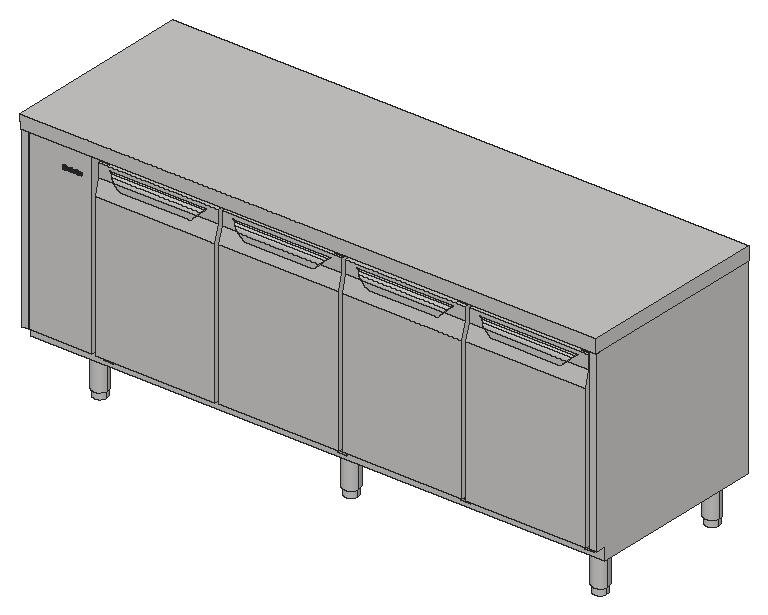
Revit family "QF_ELECTROLUXPROFESSIONAL_710296_EH4MRAAAA", category Specialty Equipment, Revit 2018
Family settings
  Round Connector Dimension = Use Diameter
  Part Type = Normal
  Work Plane-Based = No
  Always vertical = Yes
  Cut with Voids When Loaded = No
  Shared = No
  Room Calculation Point = No
Parameters
  Weight = 0.00 kg
  Watts = 0 W
  Volts = 220 V
  URL Manufacturer = "http://professional.electrolux.com/"
  URL = "http://professional.electrolux.com/"
  Steam Supply Size = 0 mm
  Steam Supply Minimum Pressure = 0.0 Pa
  Steam Supply Maximum Pressure = 0.0 Pa
  Steam Pounds per Hour = 0
  Show Logo [instance] = yes
  Show Clearance [instance] = yes
  Refrigeration Suction Line Size = 0 mm
  Refrigeration Liquid Line Size = 0 mm
  Refrigerant Compressor Remote = yes
  Manufacturer = "Electrolux"
  Phase = 1
  Model = "EH4RRAAA"
  Length Actual = 2115 mm  # constant formula
  Item Number = "710064"
  Hot Water Size = 0 mm
  Height Actual = 900 mm  # constant formula
  HP = "0.1 HP"
  Gas Size = 0 mm
  Gas KW = 0
  Gas Input Pressure = 0 W
  Direct Waste Size = 0 mm
  Description = "REFR.COUNTER 590LT 4DOOR REMOTE"
  Depth Actual = 700 mm  # constant formula
  Cycle = 0 Hz
  Condensate Return Size = 0 mm
  Compressed Air Volume = 0.0 L/s
  Compressed Air Size = 0 mm
  Compressed Air Pressure = 0.0 Pa
  Cold Water Size = 0 mm
  Accessory = yes
Reference planes
  plane 1 "Center X": y = 182.5
  plane 2: z = 0
  plane 3 "Center Y": x = 396.5
  plane 4: y = -62.5
  plane 5: y = 451.5
  plane 6 "BACK": y = 532.5
  plane 7 "FRONT": y = -167.5
  plane 8: x = -452
  plane 9: x = 1386
  plane 10: z = 150
  plane 11 "TOP": z = 900
  plane 12: z = 850
  plane 13: x = -659
  plane 14: x = 1452
  plane 15: x = 471
  plane 16 "LEFT": x = -661
  plane 17 "RIGHT": x = 1454
Forms (mm)
  Extrusion 1, solid, material "QF_Finishes_Stainless Steel"
    sketch origin (396.5, 2, 0) x (0, 1, 0) y (0, 0, 1)
      loop
        line (530.5, 150) -> (530.5, 850) -> (-124.5, 850) -> (-124.5, 150) -> (530.5, 150)
    from -1055.5 to 1055.5
  Extrusion 2, solid, material "QF_Finishes_Stainless Steel"
    sketch origin (-1022.223, -1524, 150) x (-1, 0, 0) y (0, -1, 0)
      loop
        line (-363.223, -1361.5) -> (-388.223, -1361.5) -> (-388.223, -1401.5) -> (-363.223, -1401.5) -> (-363.223, -1361.5)
      loop
        line (-2474.223, -1401.5) -> (-2449.223, -1401.5) -> (-2449.223, -1361.5) -> (-2474.223, -1361.5) -> (-2474.223, -1401.5)
    from 47 to 700
  Extrusion 3, solid, material "QF_Finishes_Stainless Steel"
    sketch origin (0, 0, 900) x (-1, 0, 0) y (0, -1, 0)
      loop
        circle (-965, -94.5) r 8.45
      loop
        circle (-57, -94.5) r 8.45
    from -790.577 to -750
  Extrusion 4, solid, material "QF_Finishes_Stainless Steel"
    sketch origin (0, 0, 0) x (1, 0, 0) y (0, 1, 0)
      loop
        circle (-594, 207.5) r 8.45
    from 127.77 to 150
  Extrusion 5, solid, material "QF_Finishes_Stainless Steel"
    sketch origin (0, 0, 0) x (1, 0, 0) y (0, 1, 0)
      loop
        circle (-578, 162.5) r 4.75
    from 347 to 367
  Extrusion 6, solid, material "QF_Finishes_Stainless Steel"
    sketch origin (0, 0, 0) x (1, 0, 0) y (0, 1, 0)
      loop
        circle (-531, 4.5) r 4
    from 709 to 729
  Extrusion 7, solid, material "QF_Finishes_Stainless Steel"
    sketch origin (0, 0, 0) x (1, 0, 0) y (0, 1, 0)
      loop
        circle (-553, 159.5) r 4
    from 397 to 417
  Extrusion 8, solid, material "QF_Finishes_Stainless Steel"
    sketch origin (396.5, 0, 0) x (0, 1, 0) y (0, 0, 1)
      loop
        line (-167.5, 900) -> (-167.5, 850) -> (532.5, 850) -> (532.5, 900) -> (-167.5, 900)
    from 1057.5 to -1057.5
Cuts and joins
  joined: Extrusion 1, Extrusion 2
Lines and regions (mm)
  symbolic lines, style "SpecialityEquipmentHiddenLines"
    curve 1: line (-661, -122.5, 900) -> (1454, -122.5, 900)
    curve 2: line (-396, -167.5, 900) -> (-396, -122.5, 900)
  symbolic lines, style "SpecialityEquipment"
    curve 3: line (-661, 532.5, 900) -> (1454, 532.5, 900)
    curve 4: line (-661, 532.5, 900) -> (-661, -167.5, 900)
    curve 5: line (-661, -167.5, 900) -> (1454, -167.5, 900)
    curve 6: line (1454, -167.5, 900) -> (1454, 532.5, 900)
Dimensions and locks
  locked: plane 6 "BACK" to plane 7 "FRONT" at 700
  equal spacing: plane 6 "BACK", plane 1 "Center X", plane 7 "FRONT"
  locked: plane 6 "BACK" to plane 5 at 81
  plane 10 to level = 150 mm
  plane 11 "TOP" to plane 12 to plane 10 = 50 mm locked, 700 mm locked
  locked: Extrusion 2 sketch curve to Extrusion 2 sketch curve at 25  (x2)
  locked: plane 4 to plane 7 "FRONT" at 105
  locked: plane 6 "BACK" to Extrusion 3 sketch curve at 438  (x2)
  equal spacing: plane 13, plane 3 "Center Y", plane 14
  plane 16 "LEFT" to plane 17 "RIGHT" = 2115 mm
  locked: plane 13 to plane 8 at 207
  plane 15 to plane 9 to plane 14 = 915 mm locked, 66 mm locked
  Extrusion 3 sketch curve to Extrusion 3 sketch curve to plane 14 = 908 mm locked, 487 mm locked
  plane 6 "BACK" to Extrusion 4 sketch curve = 325 mm
  locked: plane 13 to Extrusion 4 sketch curve at 65
  locked: plane 13 to Extrusion 7 sketch curve at 106
  locked: plane 6 "BACK" to Extrusion 7 sketch curve at 373
  locked: plane 6 "BACK" to Extrusion 5 sketch curve at 370
  locked: plane 13 to Extrusion 5 sketch curve at 81
  plane 13 to Extrusion 6 sketch curve = 128 mm
  plane 6 "BACK" to Extrusion 6 sketch curve = 528 mm
  locked: plane 10 to Extrusion 4 at 22.23
  cut or joined group of Extrusion 1, Extrusion 2 to Extrusion 5 to Extrusion 5 to Extrusion 7 to Extrusion 7 to Extrusion 6 to Extrusion 6 = 197 mm locked, 20 mm locked, 30 mm locked, 20 mm locked, 292 mm locked, 20 mm locked
  aligned and locked: level to plane 2
  aligned and locked: plane 10 to Extrusion 3
  aligned and locked: nested 4 to plane 4
  aligned and locked: nested 1 to plane 4
  aligned and locked: nested 3 to plane 5
  aligned and locked: nested 2 to plane 5
  aligned and locked: plane 8 to nested 1
  aligned and locked: plane 8 to nested 2
  aligned and locked: plane 9 to nested 4
  aligned and locked: plane 9 to nested 3
  aligned and locked: Extrusion 1 to Extrusion 2
  aligned and locked: Extrusion 2 to Extrusion 1
  aligned and locked: Extrusion 2 sketch curve to plane 14
  aligned and locked: plane 13 to Extrusion 2 sketch curve
  aligned and locked: plane 12 to nested 5
  aligned and locked: nested 7 to plane 12
  aligned and locked: cut or joined group of Extrusion 1, Extrusion 2 to plane 10
  aligned and locked: plane 12 to cut or joined group of Extrusion 1, Extrusion 2
  aligned and locked: plane 10 to Extrusion 4
  aligned and locked: nested 8 to plane 7 "FRONT"
  aligned and locked: plane 14 to nested 8
  aligned and locked: plane 15 to nested 12
  aligned and locked: plane 15 to nested 11
  aligned and locked: curve 4 to plane 16 "LEFT"
  aligned and locked: plane 17 "RIGHT" to curve 6
  aligned and locked: Extrusion 8 sketch curve to plane 11 "TOP"
  aligned and locked: plane 7 "FRONT" to Extrusion 8 sketch curve
  aligned and locked: Extrusion 8 sketch curve to cut or joined group of Extrusion 1, Extrusion 2  (x2)
  aligned and locked: plane 17 "RIGHT" to Extrusion 8
  aligned and locked: Extrusion 8 to plane 16 "LEFT"
Automatic sketch dimensions
  plane 7 "FRONT" to Extrusion 2 sketch curve = 45 mm  (x2)
  plane 7 "FRONT" to Extrusion 2 sketch curve = 5 mm  (x2)
  Extrusion 1 sketch curve to plane 10 = 0 mm
  Extrusion 1 sketch curve to plane 12 = 0 mm
  Extrusion 1 sketch curve to plane 6 "BACK" = 0 mm
  plane 7 "FRONT" to Extrusion 1 sketch curve = 45 mm
  plane 6 "BACK" to curve 6 = 0 mm
  curve 2 to plane 7 "FRONT" = 0 mm
  plane 8 to curve 2 = 56 mm
  plane 7 "FRONT" to curve 1 = 45 mm
  radius of Extrusion 4 sketch curve = 8.45 mm
  radius of Extrusion 5 sketch curve = 4.75 mm
  radius of Extrusion 7 sketch curve = 4 mm
  radius of Extrusion 3 sketch curve = 8.45 mm  (x2)
  radius of Extrusion 6 sketch curve = 4 mm
Nested families
  nested 1: "Foot_Ø50_H150" at (-452, -62.5, 0), type "Foot_Ø50_H150"
  nested 2: "Foot_Ø50_H150" at (-452, 451.5, 0), type "Foot_Ø50_H150"
  nested 3: "Foot_Ø50_H150" at (1386, 451.5, 0), type "Foot_Ø50_H150"
  nested 4: "Foot_Ø50_H150" at (1386, -62.5, 0), type "Foot_Ø50_H150"
  nested 5: "ELX_Cooling Unit_Remote" at (-518.5, -164.5, 0), Show Logo <- "Show Logo", type "ELX_Cooling Unit_Remote"
  nested 6: "ELX_Door" at (285, -164.5, 0), Show Clearance <- "Show Clearance", type "ELX_Door"
  nested 7: "ELX_Door" at (-169, -164.5, 0) x (-1, 0, 0) z (0, 0, 1), Show Clearance <- "Show Clearance", type "ELX_Door"
  nested 8: "Refrigerator" at (1452, -167.5, 900), type "Refrigerator"
  nested 9: "ELX_Door" at (739, -164.5, 0), Show Clearance <- "Show Clearance", type "ELX_Door"
  nested 10: "ELX_Door" at (1193, -164.5, 0), Show Clearance <- "Show Clearance", type "ELX_Door"
  nested 11: "Foot_Ø50_H150" at (471, 451.5, 0), type "Foot_Ø50_H150"
  nested 12: "Foot_Ø50_H150" at (471, -62.5, 0), type "Foot_Ø50_H150"
Connectors
  piping at (-594, 207.5, 127.77), diameter 17
    settings: on Extrusion 4, index 1, connector inside diameter 609.6 mm, connector length 0 mm, flow factor 0, pipe flow 0.0 L/s, pressure drop 0.0 Pa, fitting loss kfactor 0, connector angle 0.00°, fixture units 0, engagement length 0 mm, angle of deflection 0.00°, flow configuration 1, flow direction 2, fitting loss method 0, system type 16, joint type 0, gender type 0, connector reference index -1, connector utility 0, adjustable connector no, is connector primary yes, connector description "Drain"
  piping at (-578, 162.5, 347), diameter 2895.6
    settings: on Extrusion 5, index 2, connector inside diameter 609.6 mm, connector length 0 mm, flow factor 0, pipe flow 0.0 L/s, pressure drop 0.0 Pa, fitting loss kfactor 0, connector angle 0.00°, fixture units 0, engagement length 0 mm, angle of deflection 0.00°, flow configuration 1, flow direction 2, fitting loss method 0, system type 8, joint type 0, gender type 0, connector reference index -1, connector utility 0, adjustable connector no, is connector primary no, connector description "Refrigerant Outlet"
  piping at (-553, 159.5, 397), diameter 2438.4
    settings: on Extrusion 7, index 3, connector inside diameter 609.6 mm, connector length 0 mm, flow factor 0, pipe flow 0.0 L/s, pressure drop 0.0 Pa, fitting loss kfactor 0, connector angle 0.00°, fixture units 0, engagement length 0 mm, angle of deflection 0.00°, flow configuration 1, flow direction 1, fitting loss method 0, system type 7, joint type 0, gender type 0, connector reference index -1, connector utility 0, adjustable connector no, is connector primary no, connector description "Refrigerant Inlet"
  electrical at (-531, 4.5, 709)
    settings: on Extrusion 6, index 4, voltage 0 V, apparent load 0 VA, apparent load phase1 0 VA, apparent load phase2 0 VA, apparent load phase3 0 VA, power factor 1, load classification "Altro", number of poles 1, system type 30, power factor state 1, is connector primary yes, connector utility no, sub classification motor no, connector description "Electrical Connection"
  piping at (965, 94.5, 109.423), diameter 17
    settings: on Extrusion 3, index 5, connector inside diameter 609.6 mm, connector length 0 mm, flow factor 0, pipe flow 0.0 L/s, pressure drop 0.0 Pa, fitting loss kfactor 0, connector angle 0.00°, fixture units 0, engagement length 0 mm, angle of deflection 0.00°, flow configuration 1, flow direction 2, fitting loss method 0, system type 16, joint type 0, gender type 0, connector reference index -1, connector utility 0, adjustable connector no, is connector primary no, connector description "Drain"
  piping at (57, 94.5, 109.423), diameter 17
    settings: on Extrusion 3, index 6, connector inside diameter 609.6 mm, connector length 0 mm, flow factor 0, pipe flow 0.0 L/s, pressure drop 0.0 Pa, fitting loss kfactor 0, connector angle 0.00°, fixture units 0, engagement length 0 mm, angle of deflection 0.00°, flow configuration 1, flow direction 2, fitting loss method 0, system type 16, joint type 0, gender type 0, connector reference index -1, connector utility 0, adjustable connector no, is connector primary no, connector description "Drain"
Definition of nested family "Foot_Ø50_H150"
  Reference planes
    plane 1 "Centro (Fronte/Retro)": y = 0
    plane 2: z = 0
    plane 3 "Centro (Sinistra/Destra)": x = 0
    plane 4: z = 150
  Forms (mm)
    Revolve 1, solid
      sketch origin (255.05, 0, 608.09) x (0, 0, 1) y (-1, 0, 0)
        loop
          line (-608.09, 255.05) -> (-608.09, 230.05) -> (-583.09, 230.05) -> (-583.09, 226.05) -> (-458.09, 226.05) -> (-458.09, 255.05) -> (-608.09, 255.05)
        axis (-608.09, 255.05) -> (-458.09, 255.05)
      angle from 0 to 360
  Dimensions and locks
    locked: Revolve 1 sketch curve to Revolve 1 sketch curve at 125
    aligned and locked: level to plane 2
    aligned and locked: plane 4 to Revolve 1 sketch curve
    aligned and locked: Revolve 1 sketch curve to level
    aligned and locked: plane 3 "Centro (Sinistra/Destra)" to Revolve 1 sketch curve
Definition of nested family "ELX_Cooling Unit_Remote"
  Parameters
    Show Logo [instance] = yes
  Reference planes
    plane 1 "FRONT": y = -3
    plane 2: z = 0
    plane 3 "Centro (Sinistra/Destra)": x = 0
    plane 4: z = 150
    plane 5: z = 850
    plane 6: x = -115.5
    plane 7: x = 115.5
  Forms (mm)
    Extrusion 1, solid
      sketch origin (0, 55, 511) x (0, 0, 1) y (0, -1, 0)
        loop
          line (-314, 53) -> (-314, 13) -> (339, 13) -> (339, 53) -> (-314, 53)
      from -115.5 to 115.5
  Lines and regions (mm)
    Split face 1
      outline origin (0, 2, 197) x (0, 0, 1) y (-1, 0, 0)
        loop
          line (622.361, 88.738) -> (620.361, 90.738) -> (551.361, 90.738) -> (549.361, 88.738) -> (549.361, -88.738) -> (551.361, -90.738) -> (620.361, -90.738) -> (622.361, -88.738) -> (622.361, 88.738)
    Split face 2
      outline origin (0, 2, 197) x (0, 0, 1) y (-1, 0, 0)
        loop
          line (601.861, 71.967) -> (561.861, 71.967) -> (561.861, 6.967) -> (601.861, 6.967) -> (601.861, 71.967)
    Split face 3
      outline origin (0, 2, 197) x (0, 0, 1) y (-1, 0, 0)
        loop
          line (611.961, -90.738) -> (611.961, -8.712) -> (617.061, 0.121) -> (617.061, 90.738)
  Dimensions and locks
    aligned and locked: level to plane 2
  Nested families
    nested 1: "ELX_Logo_S_New" at (45.369, 2, 777.661) x (1, 0, 0) z (0, -1, 0), type "ELX_Logo_S_New"
  Definition of nested family "ELX_Logo_S_New"
    Parameters
      Default Elevation = 0 mm
    Reference planes
      plane 1 "Centro (Fronte/Retro)": y = 0
      plane 2: z = 0
      plane 3 "Centro (Sinistra/Destra)": x = 0
    Forms (mm)
      Extrusion 1, solid
        sketch origin (0, 0, 0) x (1, 0, 0) y (0, 1, 0)
          loop
            line (-1219.2, 1219.2) -> (-1219.2, -1219.2) -> (1219.2, -1219.2) -> (1219.2, 1219.2) -> (-1219.2, 1219.2)
        from 0 to -304.8
      Extrusion 2, solid
        sketch origin (0, 0, 0) x (1, 0, 0) y (0, 1, 0)
          loop
            spline (-32.537, -4.135) -> (-32.702, -4.128) -> (-32.877, -4.105) -> (-33.059, -4.064) -> (-33.242, -4.002) -> (-33.422, -3.916) -> (-33.593, -3.803) -> (-33.751, -3.66) -> (-33.891, -3.486) -> (-34.008, -3.276) -> (-34.098, -3.029) -> (-34.155, -2.741) -> (-34.176, -2.41)
            line (-34.176, -2.41) -> (-34.176, -0.943) -> (-29.331, -0.943) -> (-29.331, 0.928) -> (-34.176, 0.928) -> (-34.176, 3.652) -> (-29.023, 3.652) -> (-29.023, 5.518) -> (-36.159, 5.518) -> (-36.159, -2.326)
            spline (-36.159, -2.326) -> (-36.142, -2.808) -> (-36.088, -3.263) -> (-35.996, -3.688) -> (-35.867, -4.083) -> (-35.698, -4.445) -> (-35.489, -4.773) -> (-35.239, -5.066) -> (-34.946, -5.322) -> (-34.61, -5.539) -> (-34.23, -5.716) -> (-33.804, -5.851) -> (-33.332, -5.943)
            line (-33.332, -5.943) -> (-32.554, -5.999) -> (-28.885, -5.999) -> (-28.885, -4.135) -> (-32.537, -4.135)
          loop
            line (-27.476, 0.076) -> (-27.476, -6.002) -> (-25.492, -6.002) -> (-25.492, 5.521) -> (-27.476, 5.521) -> (-27.476, 0.076)
          loop
            spline (-15.702, -2.321) -> (-15.689, -1.697) -> (-15.749, -1.094) -> (-15.879, -0.516) -> (-16.078, 0.029) -> (-16.341, 0.538) -> (-16.668, 1.004) -> (-17.055, 1.422) -> (-17.5, 1.786) -> (-17.999, 2.091) -> (-18.552, 2.331) -> (-19.154, 2.5) -> (-19.804, 2.594)
            spline (-19.804, 2.594) -> (-20.422, 2.558) -> (-21.009, 2.453) -> (-21.56, 2.28) -> (-22.072, 2.042) -> (-22.54, 1.743) -> (-22.96, 1.385) -> (-23.327, 0.97) -> (-23.638, 0.502) -> (-23.887, -0.018) -> (-24.07, -0.586) -> (-24.183, -1.2) -> (-24.222, -1.857)
            spline (-24.222, -1.857) -> (-24.184, -2.498) -> (-24.074, -3.097) -> (-23.895, -3.652) -> (-23.651, -4.16) -> (-23.344, -4.618) -> (-22.979, -5.023) -> (-22.559, -5.374) -> (-22.087, -5.667) -> (-21.567, -5.899) -> (-21.003, -6.068) -> (-20.397, -6.172) -> (-19.754, -6.207)
            spline (-19.754, -6.207) -> (-19.44, -6.2) -> (-19.13, -6.176) -> (-18.823, -6.135) -> (-18.52, -6.074) -> (-18.221, -5.993) -> (-17.925, -5.89) -> (-17.634, -5.762) -> (-17.346, -5.609) -> (-17.062, -5.43) -> (-16.782, -5.221) -> (-16.506, -4.983) -> (-16.234, -4.713)
            line (-16.234, -4.713) -> (-17.429, -3.55)
            spline (-17.429, -3.55) -> (-17.587, -3.702) -> (-17.745, -3.841) -> (-17.906, -3.967) -> (-18.07, -4.08) -> (-18.239, -4.181) -> (-18.415, -4.268) -> (-18.599, -4.343) -> (-18.792, -4.404) -> (-18.996, -4.452) -> (-19.213, -4.486) -> (-19.443, -4.506) -> (-19.688, -4.513)
            spline (-19.688, -4.513) -> (-20.047, -4.496) -> (-20.383, -4.443) -> (-20.696, -4.358) -> (-20.984, -4.24) -> (-21.246, -4.092) -> (-21.479, -3.915) -> (-21.683, -3.711) -> (-21.856, -3.48) -> (-21.997, -3.224) -> (-22.104, -2.945) -> (-22.176, -2.643) -> (-22.212, -2.321)
            line (-22.212, -2.321) -> (-15.702, -2.321)
          loop
            spline (-17.695, -0.926) -> (-17.714, -0.681) -> (-17.771, -0.445) -> (-17.861, -0.221) -> (-17.984, -0.01) -> (-18.135, 0.184) -> (-18.314, 0.36) -> (-18.516, 0.516) -> (-18.741, 0.648) -> (-18.984, 0.755) -> (-19.244, 0.834) -> (-19.518, 0.883) -> (-19.804, 0.9)
            spline (-19.804, 0.9) -> (-20.11, 0.884) -> (-20.405, 0.835) -> (-20.686, 0.757) -> (-20.95, 0.652) -> (-21.195, 0.521) -> (-21.419, 0.367) -> (-21.618, 0.192) -> (-21.79, -0.003) -> (-21.934, -0.214) -> (-22.045, -0.439) -> (-22.122, -0.678) -> (-22.162, -0.926)
            line (-22.162, -0.926) -> (-17.695, -0.926)
          loop
            spline (-12.669, -1.807) -> (-12.646, -1.438) -> (-12.58, -1.088) -> (-12.472, -0.759) -> (-12.326, -0.455) -> (-12.145, -0.177) -> (-11.93, 0.072) -> (-11.685, 0.289) -> (-11.412, 0.473) -> (-11.114, 0.62) -> (-10.793, 0.728) -> (-10.453, 0.794) -> (-10.095, 0.817)
            spline (-10.095, 0.817) -> (-9.876, 0.81) -> (-9.665, 0.79) -> (-9.464, 0.756) -> (-9.271, 0.709) -> (-9.086, 0.65) -> (-8.908, 0.578) -> (-8.737, 0.495) -> (-8.572, 0.399) -> (-8.414, 0.292) -> (-8.261, 0.173) -> (-8.113, 0.044) -> (-7.969, -0.096)
            line (-7.969, -0.096) -> (-6.741, 1.183)
            spline (-6.741, 1.183) -> (-6.985, 1.427) -> (-7.237, 1.647) -> (-7.496, 1.843) -> (-7.762, 2.015) -> (-8.034, 2.164) -> (-8.312, 2.291) -> (-8.596, 2.397) -> (-8.886, 2.482) -> (-9.181, 2.546) -> (-9.481, 2.592) -> (-9.786, 2.619) -> (-10.095, 2.627)
            spline (-10.095, 2.627) -> (-10.715, 2.589) -> (-11.308, 2.476) -> (-11.871, 2.294) -> (-12.396, 2.046) -> (-12.88, 1.736) -> (-13.316, 1.369) -> (-13.7, 0.949) -> (-14.026, 0.48) -> (-14.289, -0.035) -> (-14.483, -0.59) -> (-14.604, -1.182) -> (-14.645, -1.807)
            spline (-14.645, -1.807) -> (-14.604, -2.431) -> (-14.483, -3.023) -> (-14.289, -3.578) -> (-14.026, -4.093) -> (-13.7, -4.562) -> (-13.316, -4.983) -> (-12.88, -5.35) -> (-12.396, -5.659) -> (-11.871, -5.907) -> (-11.308, -6.09) -> (-10.715, -6.202) -> (-10.095, -6.24)
            spline (-10.095, -6.24) -> (-9.786, -6.232) -> (-9.481, -6.205) -> (-9.181, -6.16) -> (-8.886, -6.095) -> (-8.596, -6.01) -> (-8.312, -5.904) -> (-8.034, -5.777) -> (-7.762, -5.628) -> (-7.496, -5.456) -> (-7.237, -5.26) -> (-6.985, -5.04) -> (-6.741, -4.796)
            line (-6.741, -4.796) -> (-7.969, -3.517)
            spline (-7.969, -3.517) -> (-8.113, -3.657) -> (-8.261, -3.786) -> (-8.414, -3.905) -> (-8.572, -4.012) -> (-8.737, -4.108) -> (-8.908, -4.192) -> (-9.086, -4.263) -> (-9.271, -4.323) -> (-9.464, -4.369) -> (-9.665, -4.403) -> (-9.876, -4.423) -> (-10.095, -4.43)
            spline (-10.095, -4.43) -> (-10.453, -4.408) -> (-10.793, -4.341) -> (-11.114, -4.233) -> (-11.412, -4.086) -> (-11.685, -3.902) -> (-11.93, -3.685) -> (-12.145, -3.436) -> (-12.326, -3.158) -> (-12.472, -2.854) -> (-12.58, -2.526) -> (-12.646, -2.176) -> (-12.669, -1.807)
          loop
            spline (-1.683, -4.138) -> (-1.858, -4.14) -> (-2.045, -4.127) -> (-2.24, -4.095) -> (-2.438, -4.04) -> (-2.633, -3.959) -> (-2.822, -3.85) -> (-2.998, -3.709) -> (-3.157, -3.533) -> (-3.294, -3.318) -> (-3.404, -3.061) -> (-3.483, -2.76) -> (-3.524, -2.411)
            line (-3.524, -2.411) -> (-3.524, 0.529) -> (-1.72, 0.529) -> (-1.72, 2.331) -> (-3.522, 2.331) -> (-3.522, 5.521) -> (-5.506, 5.521) -> (-5.506, -2.523)
            spline (-5.506, -2.523) -> (-5.463, -2.99) -> (-5.386, -3.429) -> (-5.274, -3.839) -> (-5.126, -4.218) -> (-4.941, -4.564) -> (-4.717, -4.877) -> (-4.455, -5.155) -> (-4.153, -5.396) -> (-3.81, -5.599) -> (-3.425, -5.762) -> (-2.998, -5.884) -> (-2.528, -5.964)
            line (-2.528, -5.964) -> (-1.69, -6.002) -> (-1.683, -4.138)
          loop
            spline (4.991, 2.446) -> (4.648, 2.468) -> (4.318, 2.461) -> (4.001, 2.429) -> (3.699, 2.371) -> (3.413, 2.288) -> (3.142, 2.182) -> (2.89, 2.052) -> (2.655, 1.901) -> (2.439, 1.728) -> (2.244, 1.535) -> (2.069, 1.322) -> (1.917, 1.091)
            line (1.917, 1.091) -> (1.917, 2.33) -> (-0.051, 2.33) -> (-0.051, -6.002) -> (1.917, -6.002) -> (1.917, -1.621)
            spline (1.917, -1.621) -> (1.935, -1.288) -> (1.988, -0.979) -> (2.075, -0.693) -> (2.195, -0.432) -> (2.345, -0.197) -> (2.526, 0.01) -> (2.736, 0.189) -> (2.972, 0.338) -> (3.235, 0.456) -> (3.522, 0.541) -> (3.832, 0.594) -> (4.165, 0.611)
            line (4.165, 0.611) -> (4.991, 0.529) -> (4.991, 2.446)
          loop
            spline (14.388, -1.836) -> (14.347, -1.224) -> (14.226, -0.642) -> (14.031, -0.093) -> (13.768, 0.418) -> (13.441, 0.887) -> (13.057, 1.308) -> (12.621, 1.677) -> (12.137, 1.989) -> (11.612, 2.24) -> (11.051, 2.425) -> (10.459, 2.539) -> (9.842, 2.578)
            spline (9.842, 2.578) -> (9.221, 2.539) -> (8.627, 2.425) -> (8.064, 2.24) -> (7.539, 1.989) -> (7.056, 1.677) -> (6.62, 1.308) -> (6.237, 0.887) -> (5.912, 0.418) -> (5.65, -0.093) -> (5.456, -0.642) -> (5.336, -1.224) -> (5.295, -1.836)
            spline (5.295, -1.836) -> (5.336, -2.447) -> (5.456, -3.029) -> (5.65, -3.578) -> (5.912, -4.089) -> (6.237, -4.558) -> (6.62, -4.979) -> (7.056, -5.348) -> (7.539, -5.66) -> (8.064, -5.911) -> (8.627, -6.096) -> (9.221, -6.211) -> (9.842, -6.25)
            spline (9.842, -6.25) -> (10.459, -6.211) -> (11.051, -6.096) -> (11.612, -5.911) -> (12.137, -5.66) -> (12.621, -5.348) -> (13.057, -4.979) -> (13.441, -4.558) -> (13.768, -4.089) -> (14.031, -3.578) -> (14.226, -3.029) -> (14.347, -2.447) -> (14.388, -1.836)
          loop
            spline (12.42, -1.836) -> (12.397, -1.475) -> (12.33, -1.131) -> (12.222, -0.807) -> (12.075, -0.504) -> (11.893, -0.227) -> (11.677, 0.022) -> (11.431, 0.241) -> (11.157, 0.426) -> (10.859, 0.575) -> (10.538, 0.685) -> (10.198, 0.753) -> (9.842, 0.777)
            spline (9.842, 0.777) -> (9.482, 0.753) -> (9.14, 0.685) -> (8.818, 0.575) -> (8.519, 0.426) -> (8.246, 0.241) -> (8.001, 0.022) -> (7.786, -0.227) -> (7.605, -0.504) -> (7.459, -0.807) -> (7.352, -1.131) -> (7.286, -1.475) -> (7.263, -1.836)
            spline (7.263, -1.836) -> (7.286, -2.196) -> (7.352, -2.54) -> (7.459, -2.865) -> (7.605, -3.167) -> (7.786, -3.444) -> (8.001, -3.694) -> (8.246, -3.912) -> (8.519, -4.098) -> (8.818, -4.247) -> (9.14, -4.357) -> (9.482, -4.425) -> (9.842, -4.448)
            spline (9.842, -4.448) -> (10.198, -4.425) -> (10.538, -4.357) -> (10.859, -4.247) -> (11.157, -4.098) -> (11.431, -3.912) -> (11.677, -3.694) -> (11.893, -3.444) -> (12.075, -3.167) -> (12.222, -2.865) -> (12.33, -2.54) -> (12.397, -2.196) -> (12.42, -1.836)
          loop
            line (15.608, 0.275) -> (15.608, -6.002) -> (17.593, -6.002) -> (17.593, 5.521) -> (15.608, 5.521) -> (15.608, 0.275)
          loop
            line (24.747, 2.33) -> (24.747, -2.513)
            spline (24.747, -2.513) -> (24.731, -2.828) -> (24.685, -3.112) -> (24.61, -3.366) -> (24.507, -3.59) -> (24.38, -3.785) -> (24.229, -3.952) -> (24.056, -4.091) -> (23.863, -4.203) -> (23.652, -4.29) -> (23.425, -4.35) -> (23.183, -4.386) -> (22.928, -4.398)
            spline (22.928, -4.398) -> (22.674, -4.386) -> (22.432, -4.35) -> (22.205, -4.29) -> (21.994, -4.204) -> (21.802, -4.092) -> (21.629, -3.954) -> (21.478, -3.788) -> (21.35, -3.595) -> (21.248, -3.373) -> (21.173, -3.122) -> (21.126, -2.841) -> (21.11, -2.53)
            line (21.11, -2.53) -> (21.11, 2.33) -> (19.11, 2.33) -> (19.11, -2.696)
            spline (19.11, -2.696) -> (19.145, -3.265) -> (19.248, -3.783) -> (19.413, -4.25) -> (19.636, -4.667) -> (19.912, -5.033) -> (20.236, -5.349) -> (20.603, -5.616) -> (21.008, -5.833) -> (21.446, -6.001) -> (21.913, -6.121) -> (22.403, -6.193) -> (22.912, -6.217)
            spline (22.912, -6.217) -> (23.425, -6.193) -> (23.92, -6.12) -> (24.39, -5.998) -> (24.832, -5.828) -> (25.241, -5.607) -> (25.611, -5.337) -> (25.937, -5.016) -> (26.216, -4.645) -> (26.441, -4.222) -> (26.608, -3.749) -> (26.711, -3.223) -> (26.747, -2.646)
            line (26.747, -2.646) -> (26.747, 2.33) -> (24.747, 2.33)
          loop
            line (34.253, -3.337) -> (33.002, -1.588) -> (34.551, 0.523) -> (35.878, 2.33) -> (33.713, 2.33) -> (31.91, -0.166) -> (30.092, 2.33) -> (27.943, 2.33) -> (29.175, 0.645) -> (30.82, -1.604) -> (29.096, -4.004) -> (27.662, -6.002) -> (29.794, -6.002) -> (31.91, -3.059) -> (34.027, -6.002) -> (36.159, -6.002) -> (34.253, -3.337)
        from 0 to 1.644
    Dimensions and locks
      aligned and locked: plane 2 to Extrusion 1
      aligned and locked: level to Extrusion 1
Definition of nested family "ELX_Door"
  Parameters
    Show Clearance [instance] = yes
  Reference planes
    plane 1 "FRONT": y = -3
    plane 2: z = 0
    plane 3 "Centro (Sinistra/Destra)": x = 0
    plane 4: z = 150
    plane 5: z = 850
    plane 6: x = -234
    plane 7: x = 234
    plane 8: x = -220
    plane 9: x = 220
  Forms (mm)
    Extrusion 1, solid
      sketch origin (0, 53, 511) x (0, 0, 1) y (0, -1, 0)
        loop
          line (-323.003, 28.5) -> (-316.501, 28.5) -> (-316.501, 31) -> (-325.503, 31) -> (-325.503, 13.5) -> (-345.503, 13.5) -> (-345.503, 11) -> (-323.003, 11) -> (-323.003, 23.259) -> (-323.003, 28.5)
        loop
          line (-314, 27) -> (-316.501, 27) -> (-316.501, 18.501) -> (-319.752, 18.501) -> (-319.752, 16) -> (-314, 16) -> (-314, 27)
        loop
          line (315.003, 27) -> (315.003, 13.948) -> (315.003, 11) -> (327.503, 11) -> (327.503, 13.5) -> (317.503, 13.5) -> (317.503, 27) -> (315.003, 27)
      from 185 to 220
    Extrusion 2, solid, visible <- "Show Clearance", detail levels coarse
      sketch origin (0, 53, 511) x (0, -1, 0) y (1, 0, 0)
        loop
          line (51, 220) -> (51, -220)
          arc (51, -220) -> (339.234, -79.44) -> (454, 220) r 437.168
          line (454, 220) -> (51, 220)
      from -314 to 314
    Extrusion 3, solid
      sketch origin (0, 55, 511) x (0, 0, 1) y (0, -1, 0)
        loop
          line (-314, 53) -> (-314, 18) -> (314, 18) -> (314, 37.596) -> (265.325, 37.596) -> (207.835, 53) -> (-314, 53)
      from -220 to 220
    Extrusion 4, solid
      sketch origin (0, 55, 511) x (0, 0, 1) y (0, -1, 0)
        loop
          line (252.967, 53) -> (252.967, 51) -> (274.59, 51)
          arc (274.59, 51) -> (281.189, 49.747) -> (286.869, 46.162) r 18
          arc (286.869, 46.162) -> (290.566, 42.591) -> (294.137, 38.894) r 148.064
          arc (294.137, 38.894) -> (296.293, 37.129) -> (298.841, 36) r 10.406
          line (298.841, 36) -> (302.14, 36) -> (302.14, 37.596)
          arc (302.14, 37.596) -> (298.576, 38.207) -> (295.599, 40.258) r 8.406
          arc (295.599, 40.258) -> (291.98, 44.005) -> (288.233, 47.624) r 150.064
          arc (288.233, 47.624) -> (281.922, 51.608) -> (274.59, 53) r 20
          line (274.59, 53) -> (252.967, 53)
      from -185 to 185
    Extrusion 5, void
      sketch origin (0, 55, 511) x (1, 0, 0) y (0, 0, 1)
        loop
          line (-204, 242.612) -> (-118.742, 242.612) -> (-118.742, 252.967)
          arc (-118.742, 252.967) -> (-128.309, 254.87) -> (-136.42, 260.289) r 25
          line (-136.42, 260.289) -> (-172.857, 296.727)
          arc (-172.857, 296.727) -> (-179.346, 301.062) -> (-187, 302.585) r 20
          line (-187, 302.585) -> (-204, 302.585) -> (-204, 242.612)
        loop
          line (204, 242.612) -> (204, 302.585) -> (187, 302.585)
          arc (187, 302.585) -> (179.346, 301.062) -> (172.857, 296.727) r 20
          line (172.857, 296.727) -> (136.42, 260.289)
          arc (136.42, 260.289) -> (128.309, 254.87) -> (118.742, 252.967) r 25
          line (118.742, 252.967) -> (118.742, 242.612) -> (204, 242.612)
      from 37.596 to 53
  Cuts and joins
    Extrusion 5 cuts Extrusion 2
    Extrusion 5 cuts Extrusion 4
    joined: Extrusion 3, Extrusion 4
  Lines and regions (mm)
    symbolic lines
      curve 1: line (220, -3, 0) -> (220, -401, 0)
      curve 2: line (220, -401, 0) -> (185, -401, 0)
      curve 3: line (185, -401, 0) -> (185, -3, 0)
      curve 4: arc (-219.722, -3, 0) -> (-89.51, -275.368, 0) -> (185, -401, 0) r 442.855
  Dimensions and locks
    aligned and locked: level to plane 2
Definition of nested family "Refrigerator"
  Reference planes
    plane 1 "Center (Front/Back)": y = 0
    plane 2: z = 0
    plane 3 "Center (Left/Right)": x = 0
  Lines and regions (mm)
    detail lines, in view "Ref. Level"
      curve 1: spline (-500, 190, 0) -> (-493.185, 166.706, 0) -> (-473.205, 145, 0) -> (-441.421, 126.36, 0) -> (-400, 112.058, 0) -> (-351.764, 103.067, 0) -> (-300, 100, 0) -> (-248.236, 103.067, 0) -> (-200, 112.058, 0) -> (-158.579, 126.36, 0) -> (-126.795, 145, 0) -> (-106.815, 166.706, 0) -> (-100, 190, 0) -> (-106.815, 213.294, 0) -> (-126.795, 235, 0) -> (-158.579, 253.64, 0) -> (-200, 267.942, 0) -> (-248.236, 276.933, 0) -> (-300, 280, 0) -> (-351.764, 276.933, 0) -> (-400, 267.942, 0) -> (-441.421, 253.64, 0) -> (-473.205, 235, 0) -> (-493.185, 213.294, 0) -> (-500, 190, 0)
      curve 2: line (-300, 130, 0) -> (-300, 250, 0)
      curve 3: line (-351.962, 220, 0) -> (-248.038, 160, 0)
      curve 4: line (-351.962, 160, 0) -> (-248.038, 220, 0)
      curve 5: line (-280.884, 246.873, 0) -> (-300, 225, 0)
      curve 6: line (-300, 225, 0) -> (-319.116, 246.873, 0)
      curve 7: line (-330.311, 207.5, 0) -> (-339.696, 234.992, 0)
      curve 8: line (-358.812, 201.882, 0) -> (-330.311, 207.5, 0)
      curve 9: line (-330.311, 172.5, 0) -> (-358.812, 178.118, 0)
      curve 10: line (-339.696, 145.008, 0) -> (-330.311, 172.5, 0)
      curve 11: line (-300, 155, 0) -> (-319.116, 133.127, 0)
      curve 12: line (-280.884, 133.127, 0) -> (-300, 155, 0)
      curve 13: line (-269.689, 172.5, 0) -> (-260.304, 145.008, 0)
      curve 14: line (-241.188, 178.118, 0) -> (-269.689, 172.5, 0)
      curve 15: line (-269.689, 207.5, 0) -> (-241.188, 201.882, 0)
      curve 16: line (-260.304, 234.992, 0) -> (-269.689, 207.5, 0)
